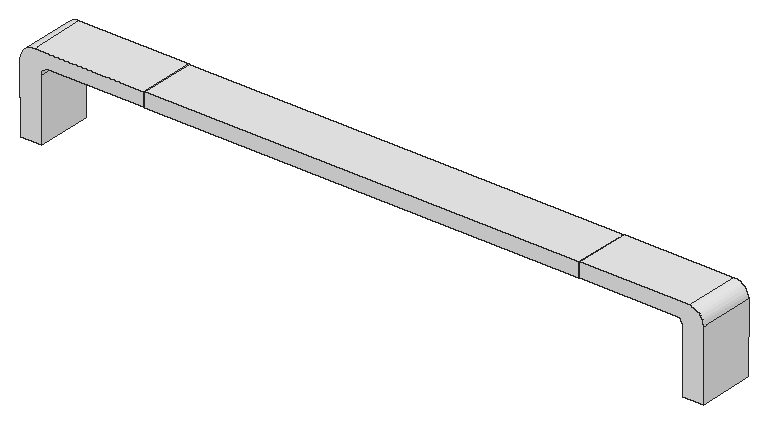
Revit family "Towel_Bar-DXV-Rem-D35100240_Series", category Specialty Equipment, host Face, Revit 2019
Family settings
  Host = Face
  Round Connector Dimension = Use Diameter
  Part Type = Normal
  OmniClass Number = 23.40.20.21.27
  OmniClass Title = Towel Bars
  Cut with Voids When Loaded = No
  Shared = Yes
  Room Calculation Point = No
Parameters (values of type "D35100240.100")
  Width = 24 3/8"
  Warranty Documentation Link = "https://www.dxv.com/-/media/files/dxv/warranty/dxv_warranty_booklet.ashx"
  URL = "http://www.dxv.com/"
  Type Comments = ""
  Revised Date = "11/11/21"  # constant formula
  Product Page URL = "http://www.dxv.com/product/rem-24-inch-towel-bar-by-dxv"
  Product Documentation Link = "http://dxv01.blob.core.windows.net/dxv-product-pdf-files/DXV_D35100240_Rem_towel_bar_spec_en.pdf"
  Price = "Prices may vary. Please consult Manufacturer Representative for most up-to-date price list."  # constant formula
  Model = "D35100240.100"
  Material = "Brass-DXV-100-Polished Chrome"
  Manufacturer = "DXV"
  Length = 3"
  Installation Type = "Surface Mounted"
  Height = 2"
  Finish = Brass-DXV-100-Polished Chrome
  Description = "24\" Towel Bar"
  Default Elevation = 48"
  Creation Date = "10/02/2014"  # constant formula
  Assembly Code = "C1030200"
Types (3): name | Model | Material | Finish
  (no name) | "D35100240.100" | "Brass-DXV-100-Polished Chrome" | Brass-DXV-100-Polished Chrome
  D35100240.100 | "D35100240.100" | "Brass-DXV-100-Polished Chrome" | Brass-DXV-100-Polished Chrome
  D35100240.144 | "D35100240.144" | "Brass-DXV-144-Brushed Nickel" | Brass-DXV-144-Brushed Nickel
Reference planes (in)
  plane 1 "Center (Front/Back)": y = 0
  plane 2: z = 0
  plane 3 "Center (Left/Right)": x = 0
  plane 4: x = 11.8125
  plane 5: x = -11.8125
  plane 6: z = 3
  plane 7: z = 2.5
  plane 8: x = 7.75
  plane 9: x = -7.75
  plane 10: x = 11.4375
  plane 11: x = 12.1875
  plane 12: y = -1
  plane 13: y = 1
Forms (in)
  Extrusion 1, solid, material "Brass-DXV-100-Polished Chrome" <- "Finish"
    sketch origin (0, 0, 0) x (1, 0, 0) y (0, 0, 1)
      loop
        line (-11.4375, 0) -> (-11.4375, 2.25)
        arc (-11.4375, 2.25) -> (-11.36428, 2.42678) -> (-11.1875, 2.5) r 0.25
        line (-11.1875, 2.5) -> (11.1875, 2.5)
        arc (11.1875, 2.5) -> (11.36428, 2.42678) -> (11.4375, 2.25) r 0.25
        line (11.4375, 2.25) -> (11.4375, 0) -> (12.1875, 0) -> (12.1875, 2.5)
        arc (12.1875, 2.5) -> (12.04105, 2.85355) -> (11.6875, 3) r 0.5
        line (11.6875, 3) -> (-11.6875, 3)
        arc (-11.6875, 3) -> (-12.04105, 2.85355) -> (-12.1875, 2.5) r 0.5
        line (-12.1875, 2.5) -> (-12.1875, 0) -> (-11.4375, 0)
    from -1 to 1
  Extrusion 2, void
    sketch origin (5.37088, 0, 0) x (0, 1, 0) y (0, 0, 1)
      loop
        line (1, 3) -> (-1, 3) -> (-1, 2.5) -> (1, 2.5) -> (1, 3)
      loop
        line (0.96875, 2.96875) -> (-0.96875, 2.96875) -> (-0.96875, 2.53125) -> (0.96875, 2.53125) -> (0.96875, 2.96875)
    from 2.36349 to 2.39474
  Extrusion 3, void
    sketch origin (-5.37088, 0, 0) x (0, 1, 0) y (0, 0, -1)
      loop
        line (1, -3) -> (1, -2.5) -> (-1, -2.5) -> (-1, -3) -> (1, -3)
      loop
        line (0.96875, -2.96875) -> (0.96875, -2.53125) -> (-0.96875, -2.53125) -> (-0.96875, -2.96875) -> (0.96875, -2.96875)
    from 2.36349 to 2.39474
Cuts and joins
  Extrusion 2, Extrusion 3 cuts Extrusion 1
Lines and regions (in)
  Masking region 1
    outline origin (0, 0, 0) x (1, 0, 0) y (0, 0, 1)
      loop
        arc (12.1875, 2.5) -> (12.04105, 2.85355) -> (11.6875, 3) r 0.5
        line (11.6875, 3) -> (7.76563, 3) -> (7.76563, 2.96875) -> (7.73438, 2.96875) -> (7.73438, 3) -> (-7.73437, 3) -> (-7.73437, 2.96875) -> (-7.76562, 2.96875) -> (-7.76562, 3) -> (-11.6875, 3)
        arc (-11.6875, 3) -> (-12.04105, 2.85355) -> (-12.1875, 2.5) r 0.5
        line (-12.1875, 2.5) -> (-12.1875, 0) -> (-11.4375, 0) -> (-11.4375, 2.25)
        arc (-11.4375, 2.25) -> (-11.36428, 2.42678) -> (-11.1875, 2.5) r 0.25
        line (-11.1875, 2.5) -> (-7.76562, 2.5) -> (-7.76562, 2.53125) -> (-7.73437, 2.53125) -> (-7.73437, 2.5) -> (7.73438, 2.5) -> (7.73438, 2.53125) -> (7.76563, 2.53125) -> (7.76563, 2.5) -> (11.1875, 2.5)
        arc (11.1875, 2.5) -> (11.36428, 2.42678) -> (11.4375, 2.25) r 0.25
        line (11.4375, 2.25) -> (11.4375, 0) -> (12.1875, 0) -> (12.1875, 2.5)
  symbolic lines, detail levels medium+fine
    curve 1: line (7.76563, 0, 2.96875) -> (7.76563, 0, 2.53125)
    curve 2: line (7.73438, 0, 2.53125) -> (7.73438, 0, 2.96875)
    curve 3: line (-7.76562, 0, 2.96875) -> (-7.76562, 0, 2.53125)
    curve 4: line (-7.73437, 0, 2.53125) -> (-7.73437, 0, 2.96875)
Dimensions and locks (in)
  plane 4 to plane 5 = 23 5/8"
  plane 6 to host face = 3"
  cut or joined group of Extrusion 1, Extrusion 2, Extrusion 3 to cut or joined group of Extrusion 1, Extrusion 2, Extrusion 3 = 3/4"
  cut or joined group of Extrusion 1, Extrusion 2, Extrusion 3 to cut or joined group of Extrusion 1, Extrusion 2, Extrusion 3 = 24 3/8"
  plane 13 to plane 12 = 2"
  aligned and locked: plane 2 to host face
  aligned and locked: level to host face
